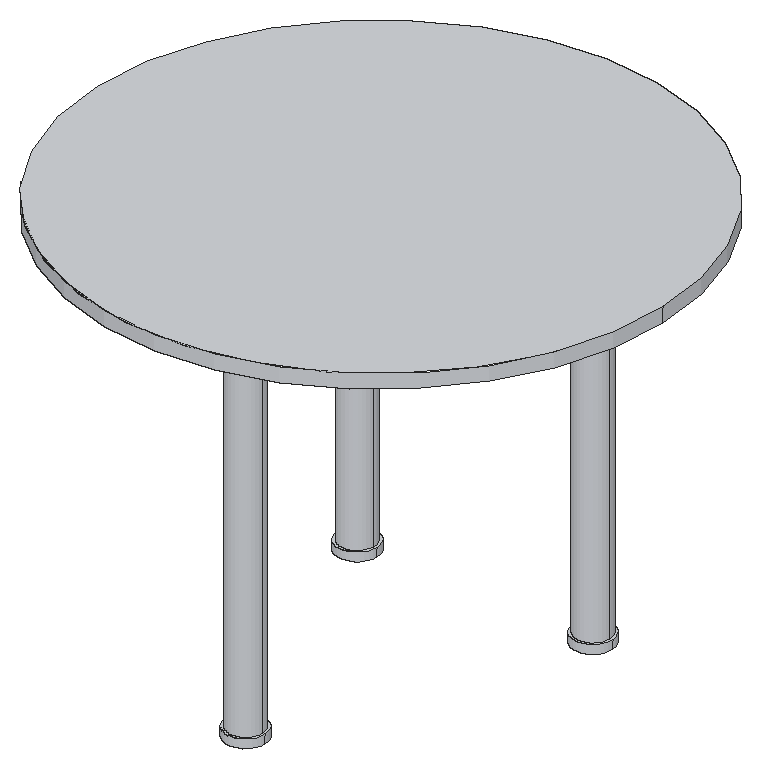
Revit family
Parameters (values of type "1000 x 1000")
  Material Table = none
  Model = "Meeting Table"
  Manufacturer = "Revit"
  Material Leg = none
  Keynote = "N"
  Description = "Table"
  Assembly Code = "E2020200"
Reference planes
  plane 1: z = 0
  plane 2 "Center (Left/Right)": x = 0
  plane 3: y = -188.822
Forms (mm)
  Extrusion 1, solid, material <- "Material Table"
    sketch origin (0, 0, 0) x (1, 0, 0) y (0, 1, 0)
      loop
        circle (0, -188.822) r 500
    from 700 to 725
Lines and regions (mm)
  Masking region 1
    outline origin (0, 0, 0) x (1, 0, 0) y (0, 1, 0)
      loop
        circle (0, -188.822) r 500
  symbolic lines
    curve 1: arc (500, -188.822, 0) -> (0, 311.178, 0) -> (-500, -188.822, 0) r 500
    curve 2: arc (-500, -188.822, 0) -> (0, -688.822, 0) -> (500, -188.822, 0) r 500
    curve 3: line (0, -248.822, 0) -> (0, -128.822, 0)
    curve 4: line (60, -188.822, 0) -> (-60, -188.822, 0)
Dimensions and locks
  aligned and locked: Extrusion 1 to nested 1
  aligned: Masking region 1 sketch curve to curve 1
  aligned: Masking region 1 sketch curve to curve 2
Nested families
  nested 1: "Leg" at (0, -488.822, 0), type "Height 700mm"
  nested 2: "Leg" at (208.9, 20.079, 0) x (-1, 0, 0) z (0, 0, 1), type "Height 700mm"
  nested 3: "Leg" at (-208.9, 20.079, 0), type "Height 700mm"
Definition of nested family "Leg"
  Parameters (values of type "Height 700mm")
    Model = "Abacus"
    Manufacturer = "LM"
    Leg Material = none
    Description = "Table Leg"
    Assembly Code = "E2020200"
  Reference planes
    plane 1 "Center (Front/Back)": y = 0
    plane 2: z = 0
    plane 3 "Center (Left/Right)": x = 0
  Forms (mm)
    Revolve 1, solid, material <- "Leg Material"
      sketch origin (0, 0, 0) x (1, 0, 0) y (0, 0, 1)
        loop
          line (0, 15) -> (0, 700) -> (-43, 700) -> (-33, 650) -> (-30, 650) -> (-30, 15) -> (0, 15)
        axis (0, 15) -> (0, 700)
      angle from 0 to 360
    Extrusion 2, solid, material <- "Leg Material"
      sketch origin (0, 0, 0) x (1, 0, 0) y (0, 1, 0)
        loop
          circle (0, 0) r 35
      from 0 to 15
  Dimensions and locks
    aligned and locked: plane 3 "Center (Left/Right)" to Revolve 1 sketch curve
    aligned and locked: Revolve 1 to Extrusion 2
